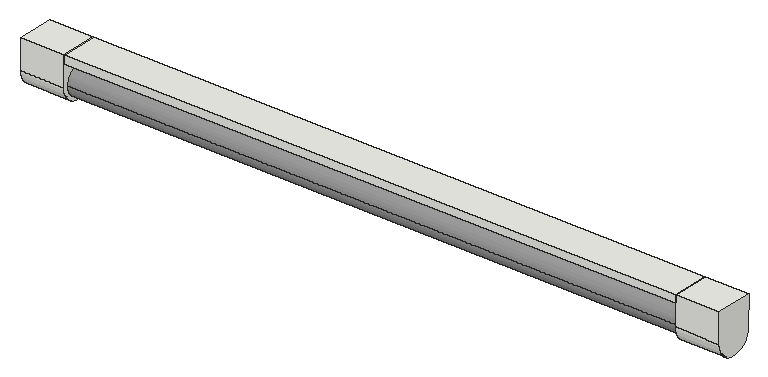
Revit family "d959e0d9eda64014a33522873b0ca883", category Lighting Fixtures, Revit 2021
Family settings
  Round Connector Dimension = Use Diameter
  Part Type = Normal
  OmniClass Number = 23.80.70.11.14.11
  OmniClass Title = Downlights
  Seek Item ID = Downlight - Under Cabinet-0000-USA-ENU
  Work Plane-Based = No
  Always vertical = Yes
  Cut with Voids When Loaded = No
  Light Source = Yes
  Shared = No
  Room Calculation Point = No
Parameters (values of type "120V")
  Wattage = 8 W
  built-in parameter 1150110 = 1 (stored number, unit not read)
  built-in parameter 1114217 = 0.88 (stored number, unit not read)
  built-in parameter 1150109 = 1 (stored number, unit not read)
  built-in parameter 1150134 = 8
  built-in parameter 1150113 = 1 (stored number, unit not read)
  Tilt Angle = 90.00°
  Photometric Web File = "DUC1T8.IES"
  built-in parameter 1150115 = 1 (stored number, unit not read)
  built-in parameter 1150105 = 31.831 (stored number, unit not read)
  Load Classification = Lighting - Dwelling Unit
  built-in parameter 1150137 = 1
  built-in parameter 1150139 = (empty or 0)
  built-in parameter 1150112 = 1 (stored number, unit not read)
  built-in parameter 1150114 = 1 (stored number, unit not read)
  built-in parameter 1150132 = (empty or 0)
  built-in parameter 1150102 = (empty or 0)
  built-in parameter 1150138 = (empty or 0)
  built-in parameter 1150107 = 4230 (stored number, unit not read)
  built-in parameter 1150106 = 0.31831 (stored number, unit not read)
  Emit from Line Length = Light Length - 0' 1 1/2"  # 0' - 10 1/2"
  built-in parameter 1150104 = 4.6452 (stored number, unit not read)
  Dimming Lamp Color Temperature Shift = <None>
  Default Elevation = 0' - 0"
  Color Filter = 16777215
  Ballast Voltage = 120 V
  Ballast Number of Poles = 1
  built-in parameter 1114218 = 0.88 (stored number, unit not read)
  built-in parameter 1150133 = 10 (stored number, unit not read)
  Assembly Code = "D5020210"
  Lamp = "T-8"
  Light Length = 1' - 0"
  Light Elevation = 4' - 6"
  Lumens = 400 lm
  Wattage Comments = "8"
  Apparent Load = 8 VA
Types (3): name | Ballast Voltage
  (no name) | 120 V
  120V | 120 V
  277V | 277 V
Reference planes (in)
  plane 1 "Light Source Axis": y = 0
  plane 2: z = 0
  plane 3 "Light Source Axis": x = 0
  plane 4 "Light Source Elevation": z = 53.5
  plane 5: x = -6
  plane 6: x = 6
  plane 7: x = 5.25
  plane 8: x = -5.25
  plane 9: z = 54
Forms (in)
  Sweep 1, solid, material "Glass, White, High Luminance"
    path origin (0, 0, 53.5) x (0, -1, 0) y (1, 0, 0)
      loop
        line (0, -5.25) -> (0, 5.25)
    profile origin (0, 0, 53.5) x (0, 1, 0) y (0, 0, 1)
      loop
        circle (0, 0) r 0.25
  Extrusion 2, solid, material "Steel, Paint Finish, Ivory, Glossy"
    sketch origin (12, 0, 54) x (0, 1, 0) y (0, 0, 1)
      loop
        line (0.3125, -0.12914) -> (0.3125, 0) -> (-0.3125, 0) -> (-0.3125, -0.12914) -> (0.3125, -0.12914)
    from -17.25 to -6.75
  Extrusion 3, solid, material "Steel, Paint Finish, Ivory, Glossy"
    sketch origin (-5.25, 0, 53.5) x (0, 0, 1) y (0, 1, 0)
      loop
        arc (0, 0.3125) -> (-0.3125, 0) -> (0, -0.3125) r 0.3125
        line (0, -0.3125) -> (0.5, -0.3125) -> (0.5, 0.3125) -> (0, 0.3125)
    from 0 to 0.75
  Extrusion 4, solid, material "Steel, Paint Finish, Ivory, Glossy"
    sketch origin (5.25, 0, 53.25) x (0, 1, 0) y (0, 0, 1)
      loop
        arc (-0.3125, 0.25) -> (0, -0.0625) -> (0.3125, 0.25) r 0.3125
        line (0.3125, 0.25) -> (0.3125, 0.75) -> (-0.3125, 0.75) -> (-0.3125, 0.25)
    from 0 to 0.75
Lines and regions (in)
  symbolic lines
    curve 1: line (6, 0.5, 0) -> (-6, 0.5, 0)
    curve 2: line (6, -0.5, 0) -> (6, 0.5, 0)
    curve 3: line (-6, -0.5, 0) -> (6, -0.5, 0)
    curve 4: line (-6, 0.5, 0) -> (-6, -0.5, 0)
Dimensions and locks (in)
  equal spacing: plane 5, plane 3 "Light Source Axis", plane 6
  "Light Length": plane 5 to plane 6
  plane 5 to plane 8 = 0' - 0 3/4"
  plane 7 to plane 6 = 0' - 0 3/4"
  locked: plane 9 to plane 4 "Light Source Elevation" at 0.5
  "Light Elevation": plane 9 to plane 2
  aligned and locked: plane 8 to Sweep 1 sketch curve
  aligned and locked: plane 7 to Sweep 1 sketch curve
  aligned and locked: curve 1 to plane 6
  aligned and locked: plane 3 "Light Source Axis" to imposter light
  aligned and locked: plane 1 "Light Source Axis" to imposter light
  aligned and locked: plane 4 "Light Source Elevation" to imposter light
  aligned and locked: plane 4 "Light Source Elevation" to Extrusion 3 sketch curve
  aligned and locked: plane 1 "Light Source Axis" to Extrusion 3 sketch curve
  aligned and locked: plane 4 "Light Source Elevation" to Extrusion 4 sketch curve
  aligned and locked: plane 1 "Light Source Axis" to Extrusion 4 sketch curve
  aligned and locked: Extrusion 2 to plane 9
  aligned and locked: Extrusion 3 to plane 8
  aligned and locked: Extrusion 2 to plane 8
  aligned and locked: Extrusion 2 to plane 7
Automatic sketch dimensions
  Sweep 1 sketch curve to plane 4 "Light Source Elevation" = 0' - 0"
  Sweep 1 sketch curve to profile plane = 0' - 0"
  profile plane to Sweep 1 sketch curve = 0' - 0 1/4"
  Sweep 1 sketch curve to plane 1 "Light Source Axis" = 0' - 0"
  Extrusion 2 sketch curve to Extrusion 2 sketch curve = 0' - 0.12914"
  curve 4 to plane 1 "Light Source Axis" = 0' - 0 1/2"
  curve 4 to plane 5 = 0' - 0"
  plane 1 "Light Source Axis" to curve 3 = 0' - 0 1/2"
  plane 1 "Light Source Axis" to Extrusion 2 sketch curve = 0' - 0 5/16"
  Extrusion 2 sketch curve to plane 1 "Light Source Axis" = 0' - 0 5/16"
  Extrusion 2 sketch curve to plane 4 "Light Source Elevation" = 0' - 0.37086"
  plane 1 "Light Source Axis" to Extrusion 3 sketch curve = 0' - 0 5/16"
  plane 1 "Light Source Axis" to Extrusion 4 sketch curve = 0' - 0 5/16"
  Extrusion 3 sketch curve to plane 9 = 0' - 0"
  Extrusion 4 sketch curve to plane 9 = 0' - 0"
Connectors (in)
  electrical at (0, 0, 54), driven by "Apparent Load", driven by "Ballast Voltage", driven by "Ballast Number of Poles", driven by "Load Classification"
    settings: on Extrusion 2, index 1, voltage 120 V, apparent load 0 VA, apparent load phase1 8 VA, apparent load phase2 0 VA, apparent load phase3 0 VA, power factor 0.95, load classification "Lighting - Dwelling Unit", number of poles 1, system type 31, power factor state 1, is connector primary yes, connector utility no, sub classification motor no, connector description ""
